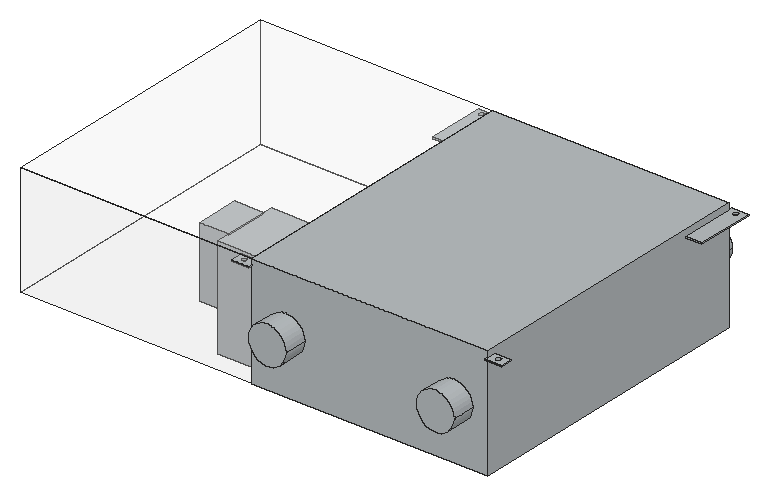
Revit family "lgh-rn15_100rxv2(d)_50Hz", category 機械設備, Revit 2019
Family settings
  丸型コネクタ寸法 = 直径を使用
  パーツ タイプ = 割り込み
  OmniClass 番号 = 23.75.10.34.21
  OmniClass タイトル = Heat Exchangers for Ventilation Air
  作業面ベース = いいえ
  常に垂直 = はい
  ロード時にボイドで切り取り = いいえ
  共有 = いいえ
  部屋計算ポイント = はい
Parameters (values of type "LGH-RN15RXV2")
  騒音レベル(dB(A)) = 31
  風量 = MAX風量  # 150.0 m³/h
  面風速 = 5.31 m/s
  電源種別 [instance] = "一般"
  電圧 = 100 V
  電動機出力 = 0 W
  集中コントローラ = ""
  運転質量 = 0.00 kg
  連動 [instance] = ""
  質量 = if(製品質量 > 運転質量, 製品質量, 運転質量) * 1.2  # 27.60 kg
  負荷分類 = 3_ファン類
  説明 = "業務用ロスナイ 天井埋込形 DCリプレースマイコン"
  設計風量 = 0.0 m³/h
  設置方法 = "天井吊(隠ぺい)形"
  記号 [instance] = ""
  製造元 = "三菱電機株式会社"
  製品質量 = 23.00 kg
  製品出荷対象 = "国内"
  製品リリース年月 = "2023/5/15"
  製品グループ = ""
  系統 [instance] = ""
  符号 [instance] = "HEU"
  積算_科目 = "1 空気調和設備"
  積算_拾い区分 [instance] = ""
  相 = 1
  盤記号 [instance] = ""
  発停方法 [instance] = ""
  特殊仕様 [instance] = ""
  点検口高さ = -Height / 2  # -145 mm
  点検口 = yes
  火災停止 [instance] = ""
  温度交換効率_特強 = 74.00%
  温度交換効率_強 = 74.00%
  温度交換効率_弱 = 78.00%
  消費電力 = 85 W
  法定耐用年数 = "15"
  機外静圧_排気 = 210.0 Pa
  機外静圧 = 210.0 Pa
  極数 = 2
  材質 [instance] = ""
  本体マテリアル = 溶融亜鉛めっき鋼板
  操作・制御方式 = ""
  操作・制御スイッチ = ""
  排気量 = 0.0 m³/h
  形式 = "天井埋込ダクト形"
  形名 = LGH-RN-2 : LGH-RN15-2
  幹線記号 [instance] = ""
  対象室 [instance] = ""
  実風量 = 0.0 m³/h
  始動方式 [instance] = "直入"
  外気量 = 設計風量  # 0.0 m³/h
  呼称 = "全熱交換ユニット"
  周波数 = 50 Hz
  吊りボルト-W = 658 mm
  吊りボルト-D = 768 mm
  参照している仕様書等のバージョン = "公共建築工事標準仕様書（機械設備工事編）平成31年度版"
  初期抵抗 = 0.0 Pa
  分類コード = "50052504100070"
  分類グループ = ""
  価格 = 270000
  企業コード = "108420"
  付属品_フィルター_還気 = ""
  付属品_フィルター = ""
  付属品 [instance] = ""
  仕様書バージョン = "Version1.0"
  モデル = "LGH-RN15RXV2"
  ドレン管径 = 0 mm
  ダクト径 = 100 mm
  OAダクト変更表示 = no
  EAダクト変更表示 = no
  サービススペース = yes
  コメント [instance] = ""
  Keynote = ""
  エンタルピ交換効率_暖房_特強 = 75.50%
  エンタルピ交換効率_暖房_強 = 75.50%
  エンタルピ交換効率_暖房_弱 = 79.00%
  エンタルピ交換効率_冷房_特強 = 64.50%
  エンタルピ交換効率_冷房_強 = 64.50%
  エンタルピ交換効率_冷房_弱 = 69.00%
  Width = 610 mm
  Version = ""
  Uniclass2015Version = "Systems v1.9"
  Uniclass2015Title = "Thermal wheels"
  Uniclass2015Code = "Pr_60_60_36_88"
  URL = "https://www.mitsubishielectric.co.jp/ldg/wink/qr/002/324437/"
  SpecificationReference = ""
  SpecificationDescription = ""
  SMAX風量 = 150.0 m³/h
  SMAX静圧 = 210.0 Pa
  SAサイズ_D = 97.5 mm
  Revision = ""
  RAサイズ_D = 97.5 mm
  ProductInformation = ""
  OmniClassCode = "23-27 23 19 11"
  OAサイズ_W = 0 mm
  OAサイズ_D = 97.5 mm
  MIN風量 = 66.0 m³/h
  MIN静圧 = 35.0 Pa
  MID風量 = 108.0 m³/h
  MID静圧 = 93.0 Pa
  MAX風量 = 150.0 m³/h
  MAX静圧 = 180.0 Pa
  M = 59 mm
  IfcTypeProduct = ""
  IfcProduct = ""
  IfcExportType = "ROTARYWHEEL"
  IfcExportAs = "IfcAirToAirHeatRecoveryType"
  Height = 290 mm
  EAサイズ_W = 0 mm
  EAサイズ_D = 97.5 mm
  Depth = 780 mm
  Clearance Top = 0 mm  # constant formula
  Clearance Right = 0 mm  # constant formula
  Clearance Left = 600 mm  # constant formula
  Clearance Front = 0 mm  # constant formula
  Clearance Bottom = 0 mm  # constant formula
  Clearance Back = 0 mm  # constant formula
  Author = "三菱電機株式会社"
Types (14, lengths in mm): name | 騒音レベル(dB(A)) | 風量 | 面風速 | 電圧 | 質量 | 製品質量 | 点検口高さ | 温度交換効率_特強 | 温度交換効率_強 | 温度交換効率_弱 | 消費電力 | 機外静圧_排気 | 機外静圧 | 極数 | 形名 | 吊りボルト-W | 吊りボルト-D | 参照している仕様書等のバージョン | 価格 | モデル | ダクト径 | エンタルピ交換効率_暖房_特強 | エンタルピ交換効率_暖房_強 | エンタルピ交換効率_暖房_弱 | エンタルピ交換効率_冷房_特強 | エンタルピ交換効率_冷房_強 | エンタルピ交換効率_冷房_弱 | Width | URL | SMAX風量 | SMAX静圧 | SAサイズ_D | RAサイズ_D | OAサイズ_D | MIN風量 | MIN静圧 | MID風量 | MID静圧 | MAX風量 | MAX静圧 | M | Height | EAサイズ_D | Depth
  LGH-RN15RXV2 | 31 | 150.0 m³/h | 5.31 m/s | 100 V | 27.60 kg | 23.00 kg | -145 | 74.00% | 74.00% | 78.00% | 85 W | 210.0 Pa | 210.0 Pa | 2 | LGH-RN-2 : LGH-RN15-2 | 658 | 768 | "公共建築工事標準仕様書（機械設備工事編）平成31年度版" | 270000 | "LGH-RN15RXV2" | 100 | 75.50% | 75.50% | 79.00% | 64.50% | 64.50% | 69.00% | 610 | "https://www.mitsubishielectric.co.jp/ldg/wink/qr/002/324437/" | 150.0 m³/h | 210.0 Pa | 97.5 | 97.5 | 97.5 | 66.0 m³/h | 35.0 Pa | 108.0 m³/h | 93.0 Pa | 150.0 m³/h | 180.0 Pa | 59 | 290 | 97.5 | 780
  LGH-RN15RXV2D | 31 | 150.0 m³/h | 5.31 m/s | 200 V | 27.60 kg | 23.00 kg | -145 | 74.00% | 74.00% | 78.00% | 85 W | 210.0 Pa | 210.0 Pa | 3 | LGH-RN-2 : LGH-RN15-2 | 658 | 768 | "公共建築工事標準仕様書（機械設備工事編）平成31年度版" | 270000 | "LGH-RN15RXV2D" | 100 | 75.50% | 75.50% | 79.00% | 64.50% | 64.50% | 69.00% | 610 | "https://www.mitsubishielectric.co.jp/ldg/wink/qr/002/324438/" | 150.0 m³/h | 210.0 Pa | 97.5 | 97.5 | 97.5 | 66.0 m³/h | 35.0 Pa | 108.0 m³/h | 93.0 Pa | 150.0 m³/h | 180.0 Pa | 59 | 290 | 97.5 | 780
  LGH-RN25RXV2 | 30 | 250.0 m³/h | 3.93 m/s | 100 V | 28.80 kg | 24.00 kg | -145 | 70.00% | 70.00% | 78.00% | 110 W | 170.0 Pa | 170.0 Pa | 2 | LGH-RN-2 : LGH-RN25-2 | 782 | 768 | "公共建築工事標準仕様書（機械設備工事編）平成31年度版" | 294000 | "LGH-RN25RXV2" | 150 | 73.00% | 73.00% | 78.50% | 63.00% | 63.00% | 68.50% | 735 | "https://www.mitsubishielectric.co.jp/ldg/wink/qr/002/324440/" | 250.0 m³/h | 170.0 Pa | 142 | 142 | 142 | 110.0 m³/h | 28.0 Pa | 180.0 m³/h | 75.0 Pa | 250.0 m³/h | 145.0 Pa | 69 | 290 | 142 | 780
  LGH-RN25RXV2D | 30 | 250.0 m³/h | 3.93 m/s | 200 V | 28.80 kg | 24.00 kg | -145 | 70.00% | 70.00% | 78.00% | 110 W | 170.0 Pa | 170.0 Pa | 3 | LGH-RN-2 : LGH-RN25-2 | 782 | 768 | "公共建築工事標準仕様書（機械設備工事編）平成31年度版" | 294000 | "LGH-RN25RXV2D" | 150 | 73.00% | 73.00% | 78.50% | 63.00% | 63.00% | 68.50% | 735 | "https://www.mitsubishielectric.co.jp/ldg/wink/qr/002/324441/" | 250.0 m³/h | 170.0 Pa | 142 | 142 | 142 | 110.0 m³/h | 28.0 Pa | 180.0 m³/h | 75.0 Pa | 250.0 m³/h | 145.0 Pa | 69 | 290 | 142 | 780
  LGH-RN35RXV2 | 33 | 350.0 m³/h | 5.5 m/s | 100 V | 39.60 kg | 33.00 kg | -165 | 71.50% | 71.50% | 75.00% | 210 W | 300.0 Pa | 300.0 Pa | 2 | LGH-RN-2 : LGH-RN35-2 | 921 | 875 | "公共建築工事標準仕様書（機械設備工事編）平成31年度版" | 323000 | "LGH-RN35RXV2" | 150 | 74.50% | 74.50% | 78.50% | 65.50% | 65.50% | 66.50% | 875 | "https://www.mitsubishielectric.co.jp/ldg/wink/qr/002/324442/" | 350.0 m³/h | 300.0 Pa | 142 | 142 | 142 | 154.0 m³/h | 36.0 Pa | 252.0 m³/h | 96.0 Pa | 350.0 m³/h | 185.0 Pa | 69 | 330 | 142 | 890
  LGH-RN35RXV2D | 33 | 350.0 m³/h | 5.5 m/s | 200 V | 39.60 kg | 33.00 kg | -165 | 71.50% | 71.50% | 75.00% | 210 W | 300.0 Pa | 300.0 Pa | 3 | LGH-RN-2 : LGH-RN35-2 | 921 | 875 | "公共建築工事標準仕様書（機械設備工事編）平成31年度版" | 323000 | "LGH-RN35RXV2D" | 150 | 74.50% | 74.50% | 78.50% | 65.50% | 65.50% | 66.50% | 875 | "https://www.mitsubishielectric.co.jp/ldg/wink/qr/002/324443/" | 350.0 m³/h | 300.0 Pa | 142 | 142 | 142 | 154.0 m³/h | 36.0 Pa | 252.0 m³/h | 96.0 Pa | 350.0 m³/h | 185.0 Pa | 69 | 330 | 142 | 890
  LGH-RN50RXV2 | 37 | 500.0 m³/h | 4.42 m/s | 100 V | 44.40 kg | 37.00 kg | -165 | 71.00% | 71.00% | 75.00% | 315 W | 310.0 Pa | 310.0 Pa | 2 | LGH-RN-2 : LGH-RN50-2 | 1063 | 875 | "公共建築工事標準仕様書（機械設備工事編）平成31年度版" | 391000 | "LGH-RN50RXV2" | 200 | 73.00% | 73.00% | 77.50% | 63.00% | 63.00% | 66.50% | 1020 | "https://www.mitsubishielectric.co.jp/ldg/wink/qr/002/324444/" | 500.0 m³/h | 310.0 Pa | 192 | 192 | 192 | 220.0 m³/h | 37.0 Pa | 360.0 m³/h | 98.0 Pa | 500.0 m³/h | 190.0 Pa | 84 | 330 | 192 | 890
  LGH-RN50RXV2D | 37 | 500.0 m³/h | 4.42 m/s | 200 V | 44.40 kg | 37.00 kg | -165 | 71.00% | 71.00% | 75.00% | 315 W | 310.0 Pa | 310.0 Pa | 3 | LGH-RN-2 : LGH-RN50-2 | 1063 | 875 | "公共建築工事標準仕様書（機械設備工事編）平成31年度版" | 391000 | "LGH-RN50RXV2D" | 200 | 73.00% | 73.00% | 77.50% | 63.00% | 63.00% | 66.50% | 1020 | "https://www.mitsubishielectric.co.jp/ldg/wink/qr/002/324445/" | 500.0 m³/h | 310.0 Pa | 192 | 192 | 192 | 220.0 m³/h | 37.0 Pa | 360.0 m³/h | 98.0 Pa | 500.0 m³/h | 190.0 Pa | 84 | 330 | 192 | 890
  LGH-RN65RXV2 | 40 | 650.0 m³/h | 5.75 m/s | 100 V | 51.60 kg | 43.00 kg | -202 | 71.50% | 71.50% | 76.00% | 445 W | 320.0 Pa | 320.0 Pa | 2 | LGH-RN-2 : LGH-RN65-2 | 1001 | 895 | "公共建築工事標準仕様書（機械設備工事編）平成31年度版" | 523000 | "LGH-RN65RXV2" | 200 | 72.00% | 72.00% | 76.00% | 63.00% | 63.00% | 67.00% | 892 | "https://www.mitsubishielectric.co.jp/ldg/wink/qr/002/324446/" | 650.0 m³/h | 320.0 Pa | 192 | 192 | 192 | 286.0 m³/h | 45.0 Pa | 468.0 m³/h | 119.0 Pa | 650.0 m³/h | 230.0 Pa | 84 | 404 | 192 | 984
  LGH-RN65RXV2D | 40 | 650.0 m³/h | 5.75 m/s | 200 V | 51.60 kg | 43.00 kg | -202 | 71.50% | 71.50% | 76.00% | 445 W | 320.0 Pa | 320.0 Pa | 3 | LGH-RN-2 : LGH-RN65-2 | 1001 | 895 | "公共建築工事標準仕様書（機械設備工事編）平成31年度版" | 523000 | "LGH-RN65RXV2D" | 200 | 72.00% | 72.00% | 76.00% | 63.00% | 63.00% | 67.00% | 892 | "https://www.mitsubishielectric.co.jp/ldg/wink/qr/002/324447/" | 650.0 m³/h | 320.0 Pa | 192 | 192 | 192 | 286.0 m³/h | 45.0 Pa | 468.0 m³/h | 119.0 Pa | 650.0 m³/h | 230.0 Pa | 84 | 404 | 192 | 984
  LGH-RN80RXV2 | 40 | 800.0 m³/h | 4.53 m/s | 100 V | 63.60 kg | 53.00 kg | -202 | 73.00% | 73.00% | 76.50% | 540 W | 310.0 Pa | 310.0 Pa | 2 | LGH-RN-2 : LGH-RN80-2 | 1051 | 1131 | "公共建築工事標準仕様書（機械設備工事編）平成31年度版" | 624000 | "LGH-RN80RXV2" | 250 | 75.00% | 75.00% | 78.00% | 65.00% | 65.00% | 68.00% | 1004 | "https://www.mitsubishielectric.co.jp/ldg/wink/qr/002/324448/" | 800.0 m³/h | 310.0 Pa | 242 | 242 | 242 | 352.0 m³/h | 37.0 Pa | 576.0 m³/h | 98.0 Pa | 800.0 m³/h | 190.0 Pa | 84 | 404 | 242 | 1144
  LGH-RN80RXV2D | 40 | 800.0 m³/h | 4.53 m/s | 200 V | 63.60 kg | 53.00 kg | -202 | 73.00% | 73.00% | 76.50% | 540 W | 310.0 Pa | 310.0 Pa | 3 | LGH-RN-2 : LGH-RN80-2 | 1051 | 1131 | "公共建築工事標準仕様書（機械設備工事編）平成31年度版" | 624000 | "LGH-RN80RXV2D" | 250 | 75.00% | 75.00% | 78.00% | 65.00% | 65.00% | 68.00% | 1004 | "https://www.mitsubishielectric.co.jp/ldg/wink/qr/002/324449/" | 800.0 m³/h | 310.0 Pa | 242 | 242 | 242 | 352.0 m³/h | 37.0 Pa | 576.0 m³/h | 98.0 Pa | 800.0 m³/h | 190.0 Pa | 84 | 404 | 242 | 1144
  LGH-RN100RXV2 | 38 | 1000.0 m³/h | 5.66 m/s | 100 V | 69.60 kg | 58.00 kg | -202 | 73.00% | 73.00% | 75.00% | 580 W | 225.0 Pa | 225.0 Pa | 2 | LGH-RN-2 : LGH-RN100-2 | 1278 | 1131 | "" | 710000 | "LGH-RN100RXV2" | 250 | 75.00% | 75.00% | 76.50% | 65.00% | 65.00% | 67.50% | 1231 | "https://www.mitsubishielectric.co.jp/ldg/wink/qr/002/324434/" | 1000.0 m³/h | 225.0 Pa | 242 | 242 | 242 | 440.0 m³/h | 32.0 Pa | 720.0 m³/h | 86.0 Pa | 1000.0 m³/h | 165.0 Pa | 84 | 404 | 242 | 1144
  LGH-RN100RXV2D | 38 | 1000.0 m³/h | 5.66 m/s | 200 V | 69.60 kg | 58.00 kg | -202 | 73.00% | 73.00% | 75.00% | 580 W | 225.0 Pa | 225.0 Pa | 3 | LGH-RN-2 : LGH-RN100-2 | 1278 | 1131 | "" | 710000 | "LGH-RN100RXV2D" | 250 | 75.00% | 75.00% | 76.50% | 65.00% | 65.00% | 67.50% | 1231 | "https://www.mitsubishielectric.co.jp/ldg/wink/qr/002/324435/" | 1000.0 m³/h | 225.0 Pa | 242 | 242 | 242 | 440.0 m³/h | 32.0 Pa | 720.0 m³/h | 86.0 Pa | 1000.0 m³/h | 165.0 Pa | 84 | 404 | 242 | 1144
Reference planes
  plane 1 "中心(正面/背面)": y = 0
  plane 2: z = 0
  plane 3 "中心(左/右)": x = 0
  plane 4 "4": x = 0
  plane 5 "3": x = 0
  plane 6 "左": x = -305
  plane 7 "右": x = 305
  plane 8 "背面": y = 390
  plane 9 "正面": y = -390
  plane 10: z = 145
  plane 11: y = 384
  plane 12: y = -384
  plane 13: x = 329
  plane 14: x = -329
  plane 15: z = -145
  plane 16: y = 390
  plane 17: y = -390
  plane 18: x = 305
  plane 19: x = -905
  plane 20: z = 145
  plane 21: z = -145
  plane 22: y = 225
  plane 23: y = -225
  plane 24: x = -455
Dimensions and locks
  equal spacing: plane 6 "左", plane 5 "3", plane 7 "右"
  "Width": plane 6 "左" to plane 7 "右"
  equal spacing: plane 9 "正面", plane 1 "中心(正面/背面)", plane 8 "背面"
  "Depth": plane 9 "正面" to plane 8 "背面"
  equal spacing: plane 10, level, plane 15
  "Height": plane 10 to plane 15
  equal spacing: plane 14, plane 5 "3", plane 13
  "吊りボルト-W": plane 14 to plane 13
  equal spacing: plane 12, plane 1 "中心(正面/背面)", plane 11
  "吊りボルト-D": plane 12 to plane 11
  "Clearance Front": plane 17 to plane 9 "正面"
  "Clearance Back": plane 8 "背面" to plane 16
  "Clearance Right": plane 7 "右" to plane 18
  "Clearance Left": plane 19 to plane 6 "左"
  "Clearance Bottom": plane 15 to plane 21
  "Clearance Top": plane 20 to plane 10
  plane 17 to plane 9 "正面" = 0 mm
  equal spacing: plane 22, plane 1 "中心(正面/背面)", plane 23
  locked: plane 22 to plane 23 at 450
  locked: plane 19 to plane 24 at 450
  aligned and locked: level to plane 2
  aligned and locked: nested 1 to plane 11
  aligned and locked: plane 12 to nested 1
  aligned and locked: plane 14 to nested 1
  aligned and locked: plane 13 to nested 1
  aligned and locked: plane 10 to nested 2
  aligned and locked: plane 19 to nested 3
  aligned and locked: plane 20 to nested 3
  aligned and locked: plane 21 to nested 3
  aligned and locked: plane 17 to nested 3
  aligned and locked: plane 16 to nested 3
  aligned and locked: plane 6 "左" to nested 3
  aligned and locked: nested 2 to plane 5 "3"
  aligned and locked: plane 1 "中心(正面/背面)" to nested 2
  aligned and locked: plane 24 to nested 4
  aligned and locked: plane 19 to nested 4
  aligned and locked: plane 23 to nested 4
  aligned and locked: plane 22 to nested 4
Nested families
  nested 1: "固定点" at (-329, -384, 0), type "固定点"
    with W 658 mm, D 768 mm
  nested 2: "LGH-RN-2" at (0, 0, -145) x (0, -1, 0) z (0, 0, 1), type <- "形名", type "LGH-RN15-2"
    with EA一般 yes, EA変更 no
  nested 3: "サービススペース" at (-605, 0, 0), visible <- "サービススペース", type "サービススペース"
    with Width 600 mm, Height 290 mm, Depth 780 mm
  nested 4: "点検口設置範囲" at (-680, 0, -145), built-in parameter 1001364 <- "点検口高さ", visible <- "点検口", type "点検口設置範囲"
    with Width 450 mm, Depth 450 mm
Connectors
  hvac at (-217.5, -449, 0), driven by "ダクト径", driven by "機外静圧", driven by "風量"
    settings: on nested 2, index 2, duct flow 150.0 m³/h, flow factor 0, pres drop 210.0 Pa, loss coef 0, conn angle 0.00°, conn width 304.8 mm, conn height 304.8 mm, conn diameter 100 mm, duct sys type 1, conn prof type 0, flow config 0, flow direction 2, loss method 4, conn ref index -1, conn util no, is conn primary yes, conn desc ""
  hvac at (217.5, -449, 0), driven by "ダクト径", driven by "機外静圧", driven by "風量"
    settings: on nested 2, index 3, duct flow 150.0 m³/h, flow factor 0, pres drop 210.0 Pa, loss coef 0, conn angle 0.00°, conn width 304.8 mm, conn height 304.8 mm, conn diameter 100 mm, duct sys type 2, conn prof type 0, flow config 0, flow direction 1, loss method 4, conn ref index -1, conn util no, is conn primary no, conn desc ""
  hvac at (-217.5, 449, 0), driven by "EAサイズ_D", driven by "機外静圧", driven by "排気量"
    settings: on nested 2, index 4, duct flow 0.0 m³/h, flow factor 0, pres drop 210.0 Pa, loss coef 0, conn angle 0.00°, conn width 304.8 mm, conn height 304.8 mm, conn diameter 97.5 mm, duct sys type 3, conn prof type 0, flow config 0, flow direction 2, loss method 4, conn ref index -1, conn util no, is conn primary no, conn desc ""
  hvac at (-217.5, 449, 0), driven by "ダクト径", driven by "機外静圧", driven by "外気量"
    settings: on nested 2, index 5, duct flow 0.0 m³/h, flow factor 0, pres drop 210.0 Pa, loss coef 0, conn angle 0.00°, conn width 304.8 mm, conn height 304.8 mm, conn diameter 100 mm, duct sys type 4, conn prof type 0, flow config 0, flow direction 1, loss method 4, conn ref index -1, conn util no, is conn primary no, conn desc ""
  hvac at (364, 272, 0), driven by "ダクト径", driven by "機外静圧", driven by "排気量"
    settings: on nested 2, index 7, duct flow 0.0 m³/h, flow factor 0, pres drop 210.0 Pa, loss coef 0, conn angle 0.00°, conn width 304.8 mm, conn height 304.8 mm, conn diameter 100 mm, duct sys type 3, conn prof type 0, flow config 0, flow direction 2, loss method 4, conn ref index -1, conn util no, is conn primary no, conn desc ""
  hvac at (-364, 272, 0), driven by "ダクト径", driven by "機外静圧", driven by "外気量"
    settings: on nested 2, index 8, duct flow 0.0 m³/h, flow factor 0, pres drop 210.0 Pa, loss coef 0, conn angle 0.00°, conn width 304.8 mm, conn height 304.8 mm, conn diameter 100 mm, duct sys type 4, conn prof type 0, flow config 0, flow direction 1, loss method 4, conn ref index -1, conn util no, is conn primary no, conn desc ""
  hvac at (217.5, 449, 0), driven by "ダクト径", driven by "機外静圧", driven by "排気量"
    settings: on nested 2, index 9, duct flow 0.0 m³/h, flow factor 0, pres drop 210.0 Pa, loss coef 0, conn angle 0.00°, conn width 304.8 mm, conn height 304.8 mm, conn diameter 100 mm, duct sys type 3, conn prof type 0, flow config 0, flow direction 2, loss method 4, conn ref index -1, conn util no, is conn primary no, conn desc ""
  electrical at (-362.5, -357, -0.5), driven by "極数", driven by "負荷分類", driven by "電圧", driven by "消費電力"
    settings: on nested 2, index 10, voltage 100 V, apparent load 85 VA, apparent load phase1 0 VA, apparent load phase2 0 VA, apparent load phase3 0 VA, power factor 1, load classification "3_ファン類", number of poles 2, system type 30, power factor state 1, is connector primary yes, connector utility no, sub classification motor no, connector description ""
Definition of nested family "LGH-RN-2"
  Parameters (values of type "LGH-RN15-2")
    吊りボルト-φ = 13 mm
    吊りボルト-W1 = 768 mm
    吊りボルト-D1 = 658 mm
    マテリアル = none
    ダクト間 = 435 mm
    ダクト変更位置 = 118 mm
    OA一般 = not(OA変更)  # yes
    OA変更 = no
    EA一般 = not(EA変更)  # no
    EA変更 = yes
    コントロール手前位置 = 33 mm
    コントロール上位置 = 15 mm
    φ = 97.5 mm
    Φ = 110 mm
    吊りボルト-H = 15 mm
    M = 59 mm
    W = 780 mm
    H = 290 mm
    D = 610 mm
    CO2センサー手前位置 = 69 mm
    CO2センサー上位置 = 14 mm
  Types (7, lengths in mm): name | 吊りボルト-W1 | 吊りボルト-D1 | ダクト間 | ダクト変更位置 | コントロール手前位置 | コントロール上位置 | φ | Φ | 吊りボルト-H | M | W | H | D | CO2センサー手前位置 | CO2センサー上位置
    LGH-RN100-2 | 1131 | 1278 | 917 | 165 | 146 | 88 | 242 | 258 | 15 | 84 | 1144 | 404 | 1231 | 182 | 87
    LGH-RN80-2 | 1131 | 1051 | 690 | 165 | 146 | 88 | 242 | 258 | 15 | 84 | 1144 | 404 | 1004 | 182 | 87
    LGH-RN65-2 | 895 | 1001 | 620 | 122 | 71 | 57 | 192 | 208 | 15 | 84 | 984 | 404 | 892 | 107 | 56
    LGH-RN35-2 | 875 | 921 | 600 | 140 | 68 | 23 | 142 | 160 | 19 | 69 | 890 | 330 | 875 | 104 | 22
    LGH-RN25-2 | 768 | 782 | 520 | 118 | 33 | 15 | 142 | 160 | 15 | 69 | 780 | 290 | 735 | 69 | 14
    LGH-RN50-2 | 875 | 1063 | 700 | 130 | 68 | 23 | 192 | 208 | 19 | 84 | 890 | 330 | 1020 | 104 | 22
    LGH-RN15-2 | 768 | 658 | 435 | 118 | 33 | 15 | 97.5 | 110 | 15 | 59 | 780 | 290 | 610 | 69 | 14
  Reference planes
    plane 1 "中心(正面/背面)": y = 0
    plane 2: z = 0
    plane 3 "中心(左/右)": x = 0
    plane 4: y = 305
    plane 5: y = 329
    plane 6: y = 349
    plane 7: y = -305
    plane 8: y = -329
    plane 9: y = -349
    plane 10: x = -390
    plane 11: x = 390
    plane 12: z = 290
    plane 13: x = -213
    plane 14: x = 449
    plane 15: x = -449
    plane 16: z = 145
    plane 17: y = 217.5
    plane 18: y = -217.5
    plane 19: x = -384
    plane 20: x = 384
    plane 21: x = 130
    plane 22: x = -130
    plane 23: y = -420
    plane 24: y = -495
    plane 25: x = 357
    plane 26: x = 381.333
    plane 27: x = 182
    plane 28: z = 241.667
    plane 29: z = 193.333
    plane 30: z = 96.667
    plane 31: z = 48.333
    plane 32: x = 321
    plane 33: x = 208
    plane 34: x = -399
    plane 35: x = 399
    plane 36: x = 369
    plane 37: x = -249
    plane 38: z = 275
    plane 39: z = 272
    plane 40: z = 275
    plane 41: z = 276
    plane 42: z = 94
    plane 43: z = 14
    plane 44: x = -272
    plane 45: y = -364
    plane 46: y = 364
  Forms (mm)
    Extrusion 1, solid, material <- "マテリアル", detail levels fine
      sketch origin (0, 0, 0) x (1, 0, 0) y (0, 1, 0)
        loop
          line (-390, 305) -> (-390, -305) -> (390, -305) -> (390, 305) -> (-390, 305)
      from 0 to 290
    Extrusion 2, solid, material <- "マテリアル", visible <- "OA一般", detail levels fine
      sketch origin (0, 0, 0) x (0, 1, 0) y (0, 0, 1)
        loop
          circle (-217.5, 145) r 48.75
      from -390 to -449
    Extrusion 3, solid, material <- "マテリアル", detail levels fine
      sketch origin (0, 0, 0) x (0, 1, 0) y (0, 0, -1)
        loop
          circle (-217.5, -145) r 48.75
        loop
          circle (217.5, -145) r 48.75
      from -390 to -449
    Extrusion 4, solid, material <- "マテリアル", detail levels fine
      sketch origin (0, 0, 0) x (1, 0, 0) y (0, 0, 1)
        loop
          line (182, 275) -> (182, 14) -> (357, 14) -> (357, 275) -> (182, 275)
      from 305 to 420
    Extrusion 5, solid, material <- "マテリアル", detail levels fine
      sketch origin (0, 0, 0) x (1, 0, 0) y (0, 0, 1)
        loop
          line (208, 276) -> (208, 94) -> (321, 94) -> (321, 276) -> (208, 276)
      from 420 to 495
    Extrusion 6, solid, material <- "マテリアル", detail levels fine
      sketch origin (0, 0, 0) x (1, 0, 0) y (0, 1, 0)
        loop
          line (-399, 349) -> (-399, 305) -> (-249, 305) -> (-249, 349) -> (-399, 349)
        loop
          line (-399, -305) -> (-399, -349) -> (-249, -349) -> (-249, -305) -> (-399, -305)
        loop
          line (369, 349) -> (369, 305) -> (399, 305) -> (399, 349) -> (369, 349)
        loop
          line (369, -349) -> (399, -349) -> (399, -305) -> (369, -305) -> (369, -349)
        loop
          circle (-384, 329) r 6.5
        loop
          circle (384, 329) r 6.5
        loop
          circle (-384, -329) r 6.5
        loop
          circle (384, -329) r 6.5
      from 272 to 275
    Extrusion 7, solid, material <- "マテリアル", visible <- "OA変更", detail levels fine
      sketch origin (0, 0, 0) x (1, 0, 0) y (0, 0, 1)
        loop
          circle (-272, 145) r 48.75
      from 305 to 364
    Extrusion 8, solid, material <- "マテリアル", visible <- "EA変更", detail levels fine
      sketch origin (0, 0, 0) x (1, 0, 0) y (0, 0, -1)
        loop
          circle (-272, -145) r 48.75
      from 305 to 364
    Extrusion 9, solid, material <- "マテリアル", visible <- "EA一般", detail levels fine
      sketch origin (0, 435, 0) x (0, 1, 0) y (0, 0, 1)
        loop
          circle (-217.5, 145) r 48.75
      from -390 to -449
  Dimensions and locks
    "W": plane 10 to plane 11
    "吊りボルト-D1": plane 8 to plane 5
    "D": plane 7 to plane 4
    equal spacing: plane 7, plane 1 "中心(正面/背面)", plane 4
    equal spacing: plane 10, plane 3 "中心(左/右)", plane 11
    "H": plane 12 to level
    "M": plane 15 to plane 10
    "M": plane 11 to plane 14
    equal spacing: plane 8, plane 1 "中心(正面/背面)", plane 5
    equal spacing: plane 18, plane 1 "中心(正面/背面)", plane 17
    "ダクト間": plane 18 to plane 17
    equal spacing: plane 19, plane 3 "中心(左/右)", plane 20
    "吊りボルト-W1": plane 19 to plane 20
    plane 15 to plane 14 = 898 mm
    equal spacing: plane 10, plane 22, plane 21, plane 11
    plane 11 to plane 21 to plane 22 to plane 10 = 260 mm, 260 mm, 260 mm
    locked: plane 23 to plane 7 at 115
    locked: plane 24 to plane 7 at 190
    equal spacing: plane 12, plane 28, plane 29, plane 16, plane 30, plane 31, level
    locked: plane 5 to plane 6 at 20
    locked: plane 9 to plane 8 at 20
    locked: plane 38 to plane 39 at 3
    "吊りボルト-H": plane 12 to plane 38
    locked: plane 19 to plane 37 at 135
    locked: plane 36 to plane 20 at 15
    locked: plane 34 to plane 10 at 9
    locked: plane 11 to plane 35 at 9
    locked: plane 33 to plane 32 at 113
    locked: plane 27 to plane 25 at 175
    "CO2センサー手前位置": plane 32 to plane 11
    "コントロール手前位置": plane 25 to plane 11
    "コントロール上位置": plane 12 to plane 40
    locked: plane 40 to plane 43 at 261
    "CO2センサー上位置": plane 12 to plane 41
    locked: plane 41 to plane 42 at 182
    "ダクト変更位置": plane 10 to plane 44
    "M": plane 45 to plane 7
    "M": plane 4 to plane 46
    "φ": diameter of Extrusion 2 sketch curve
    "φ": diameter of Extrusion 3 sketch curve  (x2)
    "吊りボルト-φ": diameter of Extrusion 6 sketch curve  (x4)
    "φ": diameter of Extrusion 7 sketch curve
    "φ": diameter of Extrusion 8 sketch curve
    "φ": diameter of Extrusion 9 sketch curve
    aligned and locked: level to plane 2
    aligned and locked: plane 4 to Extrusion 1 sketch curve
    aligned and locked: plane 10 to Extrusion 1 sketch curve
    aligned and locked: Extrusion 1 sketch curve to plane 7
    aligned and locked: Extrusion 1 sketch curve to plane 11
    aligned and locked: plane 12 to Extrusion 1
    aligned and locked: plane 16 to Extrusion 2 sketch curve
    aligned and locked: Extrusion 2 to plane 15
    aligned and locked: plane 14 to Extrusion 3
    aligned and locked: plane 18 to Extrusion 3 sketch curve
    aligned and locked: plane 16 to Extrusion 3 sketch curve  (x2)
    aligned and locked: plane 18 to Extrusion 2 sketch curve
    aligned and locked: plane 17 to Extrusion 3 sketch curve
    aligned and locked: Extrusion 4 sketch curve to plane 25
    aligned and locked: plane 27 to Extrusion 4 sketch curve
    aligned and locked: plane 33 to Extrusion 5 sketch curve
    aligned and locked: Extrusion 5 sketch curve to plane 32
    aligned and locked: plane 7 to Extrusion 4
    aligned and locked: plane 23 to Extrusion 4
    aligned and locked: plane 23 to Extrusion 5
    aligned and locked: plane 24 to Extrusion 5
    aligned and locked: plane 6 to Extrusion 6 sketch curve  (x2)
    aligned and locked: plane 34 to Extrusion 6 sketch curve  (x2)
    aligned and locked: Extrusion 6 sketch curve to plane 4  (x2)
    aligned and locked: Extrusion 6 sketch curve to plane 37  (x2)
    aligned and locked: plane 7 to Extrusion 6 sketch curve
    aligned and locked: Extrusion 6 sketch curve to plane 9
    aligned and locked: Extrusion 6 sketch curve to plane 35
    aligned and locked: plane 9 to Extrusion 6 sketch curve
    aligned and locked: Extrusion 6 sketch curve to plane 7
    aligned and locked: plane 35 to Extrusion 6 sketch curve
    aligned and locked: plane 8 to Extrusion 6 sketch curve  (x2)
    aligned and locked: plane 5 to Extrusion 6 sketch curve  (x2)
    aligned and locked: plane 19 to Extrusion 6 sketch curve  (x2)
    aligned and locked: plane 20 to Extrusion 6 sketch curve  (x2)
    aligned and locked: Extrusion 6 to plane 39
    aligned and locked: plane 38 to Extrusion 6
    aligned and locked: Extrusion 6 sketch curve to plane 36  (x2)
    aligned and locked: plane 42 to Extrusion 5 sketch curve
    aligned and locked: Extrusion 5 sketch curve to plane 41
    aligned and locked: Extrusion 4 sketch curve to plane 40
    aligned and locked: plane 43 to Extrusion 4 sketch curve
    aligned and locked: plane 16 to Extrusion 7 sketch curve
    aligned and locked: plane 44 to Extrusion 7 sketch curve
    aligned and locked: plane 45 to Extrusion 7
    aligned and locked: plane 16 to Extrusion 8 sketch curve
    aligned and locked: plane 44 to Extrusion 8 sketch curve
    aligned and locked: Extrusion 8 to plane 46
    aligned and locked: Extrusion 9 to plane 15
    aligned and locked: plane 16 to Extrusion 9 sketch curve
    aligned and locked: plane 17 to Extrusion 9 sketch curve
    aligned and locked: Extrusion 3 to plane 11
    aligned and locked: plane 10 to Extrusion 2
    aligned and locked: plane 10 to Extrusion 9
    aligned and locked: plane 4 to Extrusion 8
    aligned and locked: Extrusion 7 to plane 7
Definition of nested family "サービススペース"
  Parameters (values of type "サービススペース")
    Width [instance] = 500 mm
    Height [instance] = 500 mm
    Depth [instance] = 500 mm
  Reference planes
    plane 1 "中心(正面/背面)": y = 0
    plane 2: z = 0
    plane 3 "中心(左/右)": x = 0
    plane 4: y = -250
    plane 5: x = 250
    plane 6: y = 250
    plane 7: x = -250
    plane 8: z = 250
    plane 9: z = -250
  Forms (mm)
    Extrusion 1, solid
      sketch origin (-638.939, 0, 72.39) x (1, 0, 0) y (0, 1, 0)
        loop
          line (388.939, 250) -> (388.939, -250) -> (888.939, -250) -> (888.939, 250) -> (388.939, 250)
      from -322.39 to 177.61
  Lines and regions (mm)
    symbolic lines
      curve 1: line (-250, 0, 250) -> (250, 0, 250)
      curve 2: line (-250, 0, -250) -> (-250, 0, 250)
      curve 3: line (250, 0, -250) -> (-250, 0, -250)
      curve 4: line (250, 0, 250) -> (250, 0, -250)
      curve 5: line (0, -250, 250) -> (0, 250, 250)
      curve 6: line (0, -250, -250) -> (0, -250, 250)
      curve 7: line (0, 250, -250) -> (0, -250, -250)
      curve 8: line (0, 250, 250) -> (0, 250, -250)
      curve 9: line (-250, 250, 0) -> (250, 250, 0)
      curve 10: line (-250, -250, 0) -> (-250, 250, 0)
      curve 11: line (250, -250, 0) -> (-250, -250, 0)
      curve 12: line (250, 250, 0) -> (250, -250, 0)
  Dimensions and locks
    equal spacing: plane 7, plane 3 "中心(左/右)", plane 5
    equal spacing: plane 4, plane 1 "中心(正面/背面)", plane 6
    "Depth": plane 4 to plane 6
    "Width": plane 7 to plane 5
    equal spacing: plane 8, plane 2, plane 9
    "Height": plane 8 to plane 9
    aligned and locked: plane 9 to curve 3
    aligned and locked: plane 7 to curve 2
    aligned and locked: curve 4 to plane 5
    aligned and locked: plane 5 to Extrusion 1
    aligned and locked: Extrusion 1 to plane 7
    aligned and locked: Extrusion 1 to plane 9
    aligned and locked: plane 8 to Extrusion 1
    aligned and locked: plane 9 to curve 7
  Automatic sketch dimensions
    plane 4 to Extrusion 1 sketch curve = 0 mm
    Extrusion 1 sketch curve to plane 7 = 0 mm
    Extrusion 1 sketch curve to plane 5 = 0 mm
    plane 6 to Extrusion 1 sketch curve = 0 mm
    curve 2 to plane 8 = 0 mm
    plane 4 to curve 11 = 0 mm
    curve 11 to plane 7 = 0 mm
    curve 11 to plane 5 = 0 mm
    plane 6 to curve 10 = 0 mm
    curve 7 to plane 4 = 0 mm
    curve 7 to plane 6 = 0 mm
    curve 6 to plane 8 = 0 mm
Definition of nested family "固定点"
  Parameters (values of type "固定点")
    中心円 = 11 mm
    W [instance] = 1000 mm
    D [instance] = 1000 mm
  Reference planes
    plane 1 "中心(正面/背面)": y = 0
    plane 2: z = 0
    plane 3 "中心(左/右)": x = 0
    plane 4: x = 1000
    plane 5: y = 1000
  Lines and regions (mm)
    symbolic lines, detail levels fine
      curve 1: circle (0, 1000, 0) r 5.5 normal (0, 0, 1)
      curve 2: circle (0, 0, 0) r 5.5 normal (0, 0, 1)
      curve 3: circle (1000, 1000, 0) r 5.5 normal (0, 0, 1)
      curve 4: circle (1000, 0, 0) r 5.5 normal (0, 0, 1)
      curve 5: line (-200, 1000, 0) -> (1200, 1000, 0)
      curve 6: line (-200, 0, 0) -> (1200, 0, 0)
      curve 7: line (0, 1200, 0) -> (0, -200, 0)
      curve 8: line (1000, 1200, 0) -> (1000, -200, 0)
  Dimensions and locks
    "W": plane 3 "中心(左/右)" to plane 4
    "D": plane 1 "中心(正面/背面)" to plane 5
    "中心円": diameter of curve 1
    "中心円": diameter of curve 2
    "中心円": diameter of curve 3
    "中心円": diameter of curve 4
    aligned and locked: level to plane 2
    aligned and locked: plane 5 to curve 1
    aligned and locked: plane 3 "中心(左/右)" to curve 1
    aligned and locked: plane 3 "中心(左/右)" to curve 2
    aligned and locked: plane 1 "中心(正面/背面)" to curve 2
    aligned and locked: plane 4 to curve 3
    aligned and locked: plane 5 to curve 3
    aligned and locked: plane 1 "中心(正面/背面)" to curve 4
    aligned and locked: plane 4 to curve 4
    aligned and locked: plane 1 "中心(正面/背面)" to curve 6
    aligned and locked: curve 7 to plane 3 "中心(左/右)"
    aligned and locked: curve 8 to plane 4
  Automatic sketch dimensions
    curve 5 to plane 5 = 0 mm
    curve 6 to plane 3 "中心(左/右)" = 200 mm
    curve 5 to plane 3 "中心(左/右)" = 200 mm
    curve 4 to curve 6 = 200 mm
    curve 3 to curve 5 = 200 mm
    plane 1 "中心(正面/背面)" to curve 8 = 200 mm
    plane 1 "中心(正面/背面)" to curve 7 = 200 mm
    curve 3 to curve 8 = 200 mm
    curve 1 to curve 7 = 200 mm
Definition of nested family "点検口設置範囲"
  Parameters (values of type "点検口設置範囲")
    Width [instance] = 1000 mm
    Depth [instance] = 700 mm
  Reference planes
    plane 1 "中心(正面/背面)": y = 0
    plane 2: z = 0
    plane 3 "中心(左/右)": x = 0
    plane 4: x = -500
    plane 5: x = 500
    plane 6: y = -350
    plane 7: y = 350
  Lines and regions (mm)
    model lines
      curve 1: line (-500, 350, 0) -> (500, 350, 0)
      curve 2: line (-500, -350, 0) -> (-500, 350, 0)
      curve 3: line (500, -350, 0) -> (-500, -350, 0)
      curve 4: line (500, 350, 0) -> (500, -350, 0)
  Dimensions and locks
    "Depth": plane 7 to plane 6
    "Width": plane 4 to plane 5
    equal spacing: plane 7, plane 1 "中心(正面/背面)", plane 6
    equal spacing: plane 4, plane 3 "中心(左/右)", plane 5
    aligned and locked: level to plane 2
    aligned and locked: plane 4 to curve 2
    aligned and locked: curve 1 to plane 7
    aligned and locked: curve 4 to plane 5
    aligned and locked: plane 6 to curve 3
